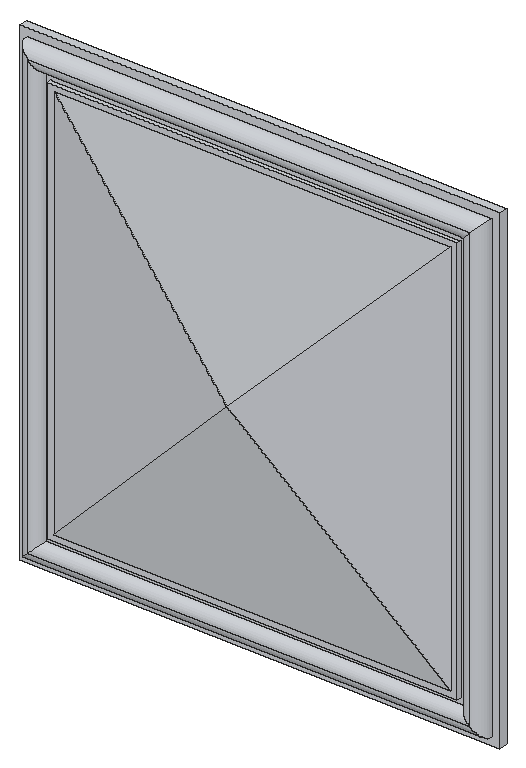
Revit family "OracDecor_W123", category Обобщенные модели, Revit 2019
Family settings
  Может служить основой для арматурных стержней = Нет
  Размер круглого соединителя = Использовать диаметр
  Тип детали = Нормальный
  На основе рабочей плоскости = Нет
  Всегда вертикально = Да
  При загрузке вырезать с полостями = Нет
  Общий = Нет
  Точка расчета площади = Нет
Parameters
  Изготовитель = "Family from POCHERTEAM"  # constant formula
  URL = "t.me/pocherteam"
Reference planes
  plane 1 "По центру (Вперед/Назад)": y = 0
  plane 2: z = 0
  plane 3 "По центру (Влево/Вправо)": x = 0
Forms (mm)
  Sweep 1, solid
    path origin (0, 0, 0) x (1, 0, 0) y (0, 0, 1)
      loop
        line (0, 0) -> (333, 0) -> (333, 333) -> (0, 333) -> (0, 0)
    profile origin (0, 0, 166.5) x (-1, 0, 0) y (0, -1, 0)
      loop
        line (0, 0) -> (0, 6) -> (-5.495, 6)
        arc (-5.495, 6) -> (-7.182, 12.481) -> (-12.997, 15.8) r 8.623
        arc (-12.997, 15.8) -> (-18.115, 14.277) -> (-20.5, 9.5) r 6.71
        line (-20.5, 9.5) -> (-24.506, 9.5) -> (-24.506, 12.5) -> (-28.506, 12.5) -> (-28.506, 0) -> (0, 0)
  Extrusion 2, solid
    sketch origin (0, 0, 0) x (1, 0, 0) y (0, 0, 1)
      loop
        line (28.506, 304.494) -> (28.506, 28.506) -> (304.494, 28.506) -> (304.494, 304.494) -> (28.506, 304.494)
    from 0 to 35
  Extrusion 3, void
    sketch origin (0, 0, 0) x (1, 0, 0) y (0, 1, 0)
      loop
        line (28.506, -12.5) -> (28.506, -35.5) -> (304.494, -35.5) -> (304.494, -12.5) -> (166.5, -35) -> (28.506, -12.5)
    from 28.506 to 304.494
  Extrusion 4, void
    sketch origin (333, 0, 0) x (0, 0, 1) y (0, 1, 0)
      loop
        line (28.506, -12.5) -> (28.506, -35.5) -> (304.494, -35.5) -> (304.494, -12.5) -> (166.5, -35) -> (28.506, -12.5)
    from 28.506 to 304.494
Cuts and joins
  Extrusion 3 cuts Sweep 1
  Extrusion 3, Extrusion 4 cuts Extrusion 2
  joined: Sweep 1, Extrusion 2
Dimensions and locks
  cut or joined group of Sweep 1, Extrusion 2, Extrusion 3, Extrusion 4 to level = 333 mm
  cut or joined group of Sweep 1, Extrusion 2, Extrusion 3, Extrusion 4 to plane 3 "По центру (Влево/Вправо)" = 333 mm
  cut or joined group of Sweep 1, Extrusion 2, Extrusion 3, Extrusion 4 to plane 1 "По центру (Вперед/Назад)" = 35 mm
  cut or joined group of Sweep 1, Extrusion 2, Extrusion 3, Extrusion 4 to plane 1 "По центру (Вперед/Назад)" = 6 mm
  aligned and locked: level to plane 2
